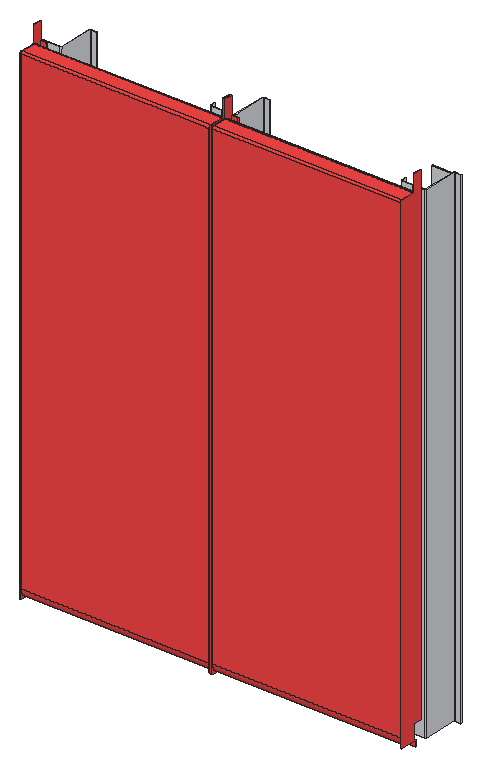
Revit family "HD061-2016.04.29-BT-ScreenPanel G", category Generic Models, Revit 2016
Family settings
  Part Type = Normal
  Can host rebar = No
  Round Connector Dimension = Use Diameter
  Work Plane-Based = No
  Always vertical = Yes
  Cut with Voids When Loaded = No
  Shared = No
  Room Calculation Point = No
Parameters (values of type "Productos HD")
  Material = Metal
  ID_Source = "BIMTOOL"
  ID_Objeto = "BT_F_F_334"
  BT_Web_del_Producto = "http://www.hunterdouglas.cl/ap/cl/linea/fachadas/9ygpaneles-screen/screenpanel_"
  BT_Uso = "Exterior / Interior"
  BT_SKU = "003583"
  BT_Profundidad = "3500 mm (alto)"
  BT_Peso = "N/A"
  BT_Nombre_Tecnico = "ScreenPanel G"
  BT_Nombre_Corto = "ScreenPanel G"
  BT_Nombre_Comercial = "ScreenPanel G"
  BT_Material = "AZ-AL-ACC"
  BT_MasterFormat® = "07 42 13"
  BT_Marca = "Hunter Douglas"
  BT_Linea = "A pedido"
  BT_Itemizado_Estandar_CDT = "D 01 08 04"
  BT_Fabricante = "Hunter Douglas"
  BT_Especialidad = "Arquitectura"
  BT_Elemento = "Paneles y Revestimientos verticales"
  BT_EETT = "El panel deberá tener una geometría rectangular y plana, formado por \r\n\r\nun fleje tipo piel, plegado en todo su perímetro, con un espesor total \r\n\r\nde 50mm,\r\n\r\nEl panel es fabricado en aluzinc con un espesor de 1 ó 1,2mm\r\n\r\nEl avance útil del panel es de 481mm.\r\n\r\nEl esquema de pintura considera la aplicación de un primer poliéster \r\n\r\nde secado al horno por ambas caras, con un espesor de 5 ± 2 micras, \r\n\r\ny la aplicación de un esmalte de terminación poliéster secado al horno \r\n\r\npor ambas caras, con un espesor total de 25 ± 2 micras (incluido el \r\n\r\nprimer).\r\n\r\nLa instalación del panel deberá ser vertical y considera el uso de una \r\n\r\nescuadra 50 x 50 en espesor 3mm galvanizada, mas un perfil Z de \r\n\r\ndimensiones 50 x 74mm en espesor 1,5mm y material aluzinc\r\n\r\nOpciones de perforado estándar: #110M1 - #110M3 - #111 - #114 -\r\n\r\n#115 - #116 - #401 - #402 - #403 - #150 - #151 - #405 - #406 -\r\n\r\n#407 - #408 - #420"
  BT_Descripcion = "-El panel Screenpanel es un producto de una sola piel que permite revestir fachadas. Se puede instalar de forma vertical, horizontal o diagonal.<salto> -  Se cuenta con dos opciones de panel, con y sin cantería. Ambas alternativas se instalan directo a estructura mediante perfil de aluminio estándar (en el caso con cantería) o pernos (sin cantería).<salto> - El panel se presenta en tres modulaciones distintas: 300, 400 y 500 mm. Todas estas opciones están disponibles tanto para las opciones con y sin cantería. <salto>-  La principal particularidad de este panel es que en su alternativa perforada (sin cantería) se puede obtener, a través del perforado, distintos diseños y figuras. Esto gracias al uso de una máquina de control numérico, a la cual se le ingresa el diseño deseado en planos Cad, generando la figura a través de las perforaciones."
  BT_Color = "100 colores"
  BT_Codigo_Origen = "HD061"
  BT_Ancho = "50 mm (espesor)"
  BT_Alto = "481 modulo maximo"
Reference planes
  plane 1 "Center (Front/Back)": y = 0
  plane 2: z = 0
  plane 3 "Center (Left/Right)": x = 0
Dimensions and locks
  aligned and locked: level to plane 2
Nested families
  nested 1: "PANEL G" at (660, 0, 0), type "PANEL G"
  nested 2: "Perfil Z" at (656.254, 75, 0), type "perfil mullion"
    with Largo perfil 1000 mm
  nested 3: "Perfil Z" at (1008.754, 75, 0), type "perfil mullion"
    with Largo perfil 1000 mm
  nested 4: "PANEL G" at (1049.2, 0, 0), type "PANEL G"
  nested 5: "Perfil Z" at (1397.954, 75, 0), type "perfil mullion"
    with Largo perfil 1000 mm
  nested 6: "Escuadra 50x50" at (684.472, 87.533, 41.851) x (0, -1, 0) z (0, 0, 1), type "Escuadra 50x50"
  nested 7: "Escuadra 50x50" at (1036.972, 87.533, 41.851) x (0, -1, 0) z (0, 0, 1), type "Escuadra 50x50"
  nested 8: "Escuadra 50x50" at (1426.172, 87.533, 41.851) x (0, -1, 0) z (0, 0, 1), type "Escuadra 50x50"
  nested 9: "Escuadra 50x50" at (1426.172, 87.533, 941.851) x (0, -1, 0) z (0, 0, 1), type "Escuadra 50x50"
  nested 10: "Escuadra 50x50" at (684.472, 87.533, 841.851) x (0, -1, 0) z (0, 0, 1), type "Escuadra 50x50"
  nested 11: "Escuadra 50x50" at (1036.972, 87.533, 841.851) x (0, -1, 0) z (0, 0, 1), type "Escuadra 50x50"
  nested 12: "Escuadra 50x50" at (1426.172, 87.533, 841.851) x (0, -1, 0) z (0, 0, 1), type "Escuadra 50x50"
Definition of nested family "PANEL G"
  Parameters (values of type "PANEL G")
    Material = none
    LARGO = 1000 mm
    ESPESOR = 1 mm
    ANCHO - (e*2) = 384 mm
  Reference planes
    plane 1 "Center (Front/Back)": y = 0
    plane 2: z = 0
    plane 3 "Center (Left/Right)": x = 0
    plane 4: x = 1
    plane 5: x = 385
    plane 6: x = 386
    plane 7: z = 1000
  Forms (mm)
    Extrusion 1, solid, material <- "Material"
      sketch origin (0, 0, 0) x (0, 1, 0) y (0, 0, 1)
        loop
          line (-12, -13) -> (-11, -13) -> (-11, -3)
          arc (-11, -3) -> (-12.172, -0.172) -> (-15, 1) r 4
          line (-15, 1) -> (-16, 1) -> (-16, 32) -> (0, 32) -> (0, 1035) -> (-16, 1035) -> (-16, 1000) -> (-46, 1000)
          arc (-46, 1000) -> (-48.828, 998.828) -> (-50, 996) r 4
          line (-50, 996) -> (-50, 4)
          arc (-50, 4) -> (-48.828, 1.172) -> (-46, 0) r 4
          line (-46, 0) -> (-15, 0)
          arc (-15, 0) -> (-12.879, -0.879) -> (-12, -3) r 3
          line (-12, -3) -> (-12, -13)
      from 0 to 1
    Extrusion 2, solid, material <- "Material"
      sketch origin (0, 0, 0) x (0, 1, 0) y (0, 0, 1)
        loop
          arc (-12.198, 996.198) -> (-13.311, 998.886) -> (-16, 1000) r 3.802
          line (-16, 1000) -> (-46.198, 1000)
          arc (-46.198, 1000) -> (-48.886, 998.886) -> (-50, 996.198) r 3.802
          line (-50, 996.198) -> (-50, 20.949)
          arc (-50, 20.949) -> (-43.864, 6.136) -> (-29.051, 0) r 20.949
          line (-29.051, 0) -> (-15, 0)
          arc (-15, 0) -> (-12.879, -0.879) -> (-12, -3) r 3
          line (-12, -3) -> (-12, -13) -> (-11, -13) -> (-11, -3)
          arc (-11, -3) -> (-12.172, -0.172) -> (-15, 1) r 4
          line (-15, 1) -> (-32.103, 1)
          arc (-32.103, 1) -> (-44.338, 7.792) -> (-49.198, 20.914) r 20.147
          line (-49.198, 20.914) -> (-49.198, 996.198)
          arc (-49.198, 996.198) -> (-48.319, 998.319) -> (-46.198, 999.198) r 3
          line (-46.198, 999.198) -> (-16, 999.198)
          arc (-16, 999.198) -> (-13.879, 998.319) -> (-13, 996.198) r 3
          line (-13, 996.198) -> (-13, 984.198) -> (-12.198, 984.198) -> (-12.198, 996.198)
      from 1 to 385
    Extrusion 3, solid, material <- "Material"
      sketch origin (385, 0, 0) x (0, 1, 0) y (0, 0, 1)
        loop
          line (-12, -13) -> (-11, -13) -> (-11, -3)
          arc (-11, -3) -> (-12.172, -0.172) -> (-15, 1) r 4
          line (-15, 1) -> (-16, 1) -> (-16, 32) -> (0, 32) -> (0, 1035) -> (-16, 1035) -> (-16, 1000) -> (-46, 1000)
          arc (-46, 1000) -> (-48.828, 998.828) -> (-50, 996) r 4
          line (-50, 996) -> (-50, 4)
          arc (-50, 4) -> (-48.828, 1.172) -> (-46, 0) r 4
          line (-46, 0) -> (-15, 0)
          arc (-15, 0) -> (-12.879, -0.879) -> (-12, -3) r 3
          line (-12, -3) -> (-12, -13)
      from 0 to 1
    Extrusion 4, solid, material <- "Material"
      sketch origin (0, 0, 0) x (1, 0, 0) y (0, 1, 0)
        loop
          line (1, 0) -> (1, -1) -> (15, -1) -> (15, 0) -> (1, 0)
      from 32 to 1000
    Extrusion 5, solid, material <- "Material"
      sketch origin (372, 0, 0) x (1, 0, 0) y (0, 1, 0)
        loop
          line (-1, 0) -> (-1, -1) -> (13, -1) -> (13, 0) -> (-1, 0)
      from 32 to 1000
  Dimensions and locks
    "ESPESOR": plane 3 "Center (Left/Right)" to plane 4
    "ANCHO - (e*2)": plane 4 to plane 5
    "ESPESOR": plane 5 to plane 6
    locked: Extrusion 1 to Extrusion 4 at 15
    locked: Extrusion 5 to Extrusion 3 at 15
    "LARGO": plane 7 to level
    Extrusion 1 to Extrusion 2 = 31 mm
    aligned and locked: level to plane 2
    aligned and locked: Extrusion 1 to plane 3 "Center (Left/Right)"
    aligned and locked: plane 4 to Extrusion 1
    aligned and locked: Extrusion 2 to Extrusion 1  (x2)
    aligned and locked: plane 5 to Extrusion 2
    aligned and locked: Extrusion 3 to Extrusion 2
    aligned and locked: plane 6 to Extrusion 3
    aligned and locked: Extrusion 2 to Extrusion 5
    aligned and locked: Extrusion 1 to level
    aligned and locked: Extrusion 2 to level
    aligned and locked: Extrusion 1 to plane 2
    aligned and locked: Extrusion 4 to Extrusion 1  (x2)
    aligned and locked: Extrusion 5 to Extrusion 1  (x2)
    aligned and locked: Extrusion 2 to Extrusion 4
    aligned and locked: Extrusion 3 to Extrusion 1
    aligned and locked: plane 7 to Extrusion 1
  Automatic sketch dimensions
    Extrusion 4 sketch curve to plane 4 = 0 mm
    plane 1 "Center (Front/Back)" to Extrusion 4 sketch curve = 0 mm
    plane 1 "Center (Front/Back)" to Extrusion 4 sketch curve = 1 mm
    plane 4 to Extrusion 4 sketch curve = 14 mm
    plane 1 "Center (Front/Back)" to Extrusion 5 sketch curve = 0 mm
    Extrusion 5 sketch curve to plane 5 = 0 mm
    Extrusion 5 sketch curve to Extrusion 5 sketch curve = 14 mm
    Extrusion 5 sketch curve to Extrusion 5 sketch curve = 1 mm
    Extrusion 2 sketch curve to Extrusion 2 sketch curve = 0 mm  (x7)
    Extrusion 2 sketch curve to Extrusion 2 sketch curve = 0.035 mm
    Extrusion 2 sketch curve to plane 7 = 0 mm
    Extrusion 2 sketch curve to level = 0 mm
    plane 1 "Center (Front/Back)" to Extrusion 2 sketch curve = 50 mm
    Extrusion 2 sketch curve to Extrusion 2 sketch curve = 3 mm  (x3)
    plane 1 "Center (Front/Back)" to Extrusion 2 sketch curve = 16 mm
    level to Extrusion 2 sketch curve = 1 mm
    plane 1 "Center (Front/Back)" to Extrusion 2 sketch curve = 15 mm
    Extrusion 2 sketch curve to Extrusion 2 sketch curve = 1 mm
    Extrusion 2 sketch curve to Extrusion 2 sketch curve = 10 mm
    Extrusion 2 sketch curve to Extrusion 2 sketch curve = 12 mm
    Extrusion 1 sketch curve to level = 0 mm
    Extrusion 1 sketch curve to plane 7 = 0 mm
    Extrusion 1 sketch curve to plane 1 "Center (Front/Back)" = 0 mm
    Extrusion 1 sketch curve to level = 3 mm
    plane 1 "Center (Front/Back)" to Extrusion 1 sketch curve = 11 mm
    Extrusion 1 sketch curve to Extrusion 1 sketch curve = 1 mm
    Extrusion 1 sketch curve to Extrusion 1 sketch curve = 3 mm
    level to Extrusion 1 sketch curve = 1 mm
    Extrusion 1 sketch curve to Extrusion 1 sketch curve = 16 mm  (x2)
    Extrusion 1 sketch curve to Extrusion 1 sketch curve = 30 mm  (x2)
    Extrusion 1 sketch curve to Extrusion 1 sketch curve = 4 mm
    Extrusion 1 sketch curve to Extrusion 1 sketch curve = 10 mm
    level to Extrusion 1 sketch curve = 32 mm
    plane 7 to Extrusion 1 sketch curve = 35 mm
    Extrusion 3 sketch curve to level = 0 mm
    Extrusion 3 sketch curve to plane 7 = 0 mm
    Extrusion 3 sketch curve to plane 1 "Center (Front/Back)" = 0 mm
    Extrusion 3 sketch curve to level = 3 mm
    plane 1 "Center (Front/Back)" to Extrusion 3 sketch curve = 11 mm
    Extrusion 3 sketch curve to Extrusion 3 sketch curve = 1 mm
    Extrusion 3 sketch curve to Extrusion 3 sketch curve = 3 mm
    level to Extrusion 3 sketch curve = 1 mm
    Extrusion 3 sketch curve to Extrusion 3 sketch curve = 16 mm  (x2)
    Extrusion 3 sketch curve to Extrusion 3 sketch curve = 30 mm  (x2)
    Extrusion 3 sketch curve to Extrusion 3 sketch curve = 4 mm
    Extrusion 3 sketch curve to Extrusion 3 sketch curve = 10 mm
    level to Extrusion 3 sketch curve = 32 mm
    plane 7 to Extrusion 3 sketch curve = 35 mm
Definition of nested family "Perfil Z"
  Parameters (values of type "perfil mullion")
    paso = 400 mm
    Largo perfil = 1300 mm
  Reference planes
    plane 1 "Center (Front/Back)": y = 0
    plane 2: z = 0
    plane 3 "Center (Left/Right)": x = 0
    plane 4: y = 581.924
    plane 5: z = 400
    plane 6: z = 800
    plane 7: z = 401.25
    plane 8: z = 800
    plane 9: z = 1300
  Forms (mm)
    Extrusion 1, solid
      sketch origin (41.001, 18.195, 606.924) x (1, 0, 0) y (0, 1, 0)
        loop
          arc (3.796, -16.665) -> (4.499, -18.362) -> (6.196, -19.065) r 2.4
          line (6.196, -19.065) -> (18.796, -19.065) -> (18.796, -17.865) -> (6.196, -17.865)
          arc (6.196, -17.865) -> (5.347, -17.513) -> (4.996, -16.665) r 1.2
          line (4.996, -16.665) -> (4.996, 52.535)
          arc (4.996, 52.535) -> (4.293, 54.232) -> (2.596, 54.935) r 2.4
          line (2.596, 54.935) -> (-42.606, 54.935)
          arc (-42.606, 54.935) -> (-44.303, 54.232) -> (-45.006, 52.535) r 2.4
          line (-45.006, 52.535) -> (-45.006, 44.935) -> (-43.806, 44.935) -> (-43.806, 52.535)
          arc (-43.806, 52.535) -> (-43.455, 53.384) -> (-42.606, 53.735) r 1.2
          line (-42.606, 53.735) -> (2.596, 53.735)
          arc (2.596, 53.735) -> (3.445, 53.384) -> (3.796, 52.535) r 1.2
          line (3.796, 52.535) -> (3.796, -16.665)
      from 693.076 to -606.924
  Dimensions and locks
    "Largo perfil": plane 9 to level
    aligned and locked: level to plane 2
    aligned and locked: Extrusion 1 to level
    aligned and locked: Extrusion 1 to plane 9
  Automatic sketch dimensions
    Extrusion 1 sketch curve to Extrusion 1 sketch curve = 0 mm  (x6)
    Extrusion 1 sketch curve to plane 3 "Center (Left/Right)" = 4.005 mm
    Extrusion 1 sketch curve to Extrusion 1 sketch curve = 1.2 mm  (x3)
    Extrusion 1 sketch curve to plane 3 "Center (Left/Right)" = 1.605 mm
    plane 3 "Center (Left/Right)" to Extrusion 1 sketch curve = 43.597 mm
    plane 1 "Center (Front/Back)" to Extrusion 1 sketch curve = 0.87 mm
    Extrusion 1 sketch curve to Extrusion 1 sketch curve = 12.6 mm
    Extrusion 1 sketch curve to plane 1 "Center (Front/Back)" = 63.13 mm
    Extrusion 1 sketch curve to Extrusion 1 sketch curve = 7.6 mm
Definition of nested family "Escuadra 50x50"
  Parameters (values of type "Escuadra 50x50")
    Largo escuadra = 50 mm
  Reference planes
    plane 1 "Center (Front/Back)": y = 0
    plane 2: z = 0
    plane 3 "Center (Left/Right)": x = 0
    plane 4: x = 50
  Forms (mm)
    Extrusion 1, solid
      sketch origin (3.23, 15.911, -0.842) x (-1, 0, 0) y (0, -1, 0)
        loop
          line (0, 50) -> (-3, 50) -> (-3, 3) -> (-50, 3) -> (-50, 0) -> (0, 0) -> (0, 50)
      from 0 to 50
    Extrusion 2, void
      sketch origin (3.23, 16.911, -0.842) x (0, 0, 1) y (0, -1, 0)
        loop
          circle (25.05, 28.208) r 3
      from -17.569 to 8.655
    Extrusion 3, void
      sketch origin (3.23, 15.911, -0.842) x (0, 0, 1) y (-1, 0, 0)
        loop
          circle (25, -24.806) r 3
      from 0 to 12.892
  Cuts and joins
    Extrusion 2, Extrusion 3 cuts Extrusion 1
  Dimensions and locks
    "Largo escuadra": plane 3 "Center (Left/Right)" to plane 4
    aligned and locked: level to plane 2
  Automatic sketch dimensions
    Extrusion 1 sketch curve to plane 4 = 3.23 mm
    plane 3 "Center (Left/Right)" to Extrusion 1 sketch curve = 6.23 mm
    plane 3 "Center (Left/Right)" to Extrusion 1 sketch curve = 3.23 mm
    Extrusion 1 sketch curve to plane 1 "Center (Front/Back)" = 15.911 mm
    Extrusion 1 sketch curve to Extrusion 1 sketch curve = 3 mm
    plane 1 "Center (Front/Back)" to Extrusion 1 sketch curve = 34.089 mm
    plane 1 "Center (Front/Back)" to Extrusion 2 sketch curve = 11.297 mm
    level to Extrusion 2 sketch curve = 24.208 mm
    level to Extrusion 3 sketch curve = 24.158 mm
    plane 4 to Extrusion 3 sketch curve = 21.964 mm
    radius of Extrusion 2 sketch curve = 3 mm
    radius of Extrusion 3 sketch curve = 3 mm
